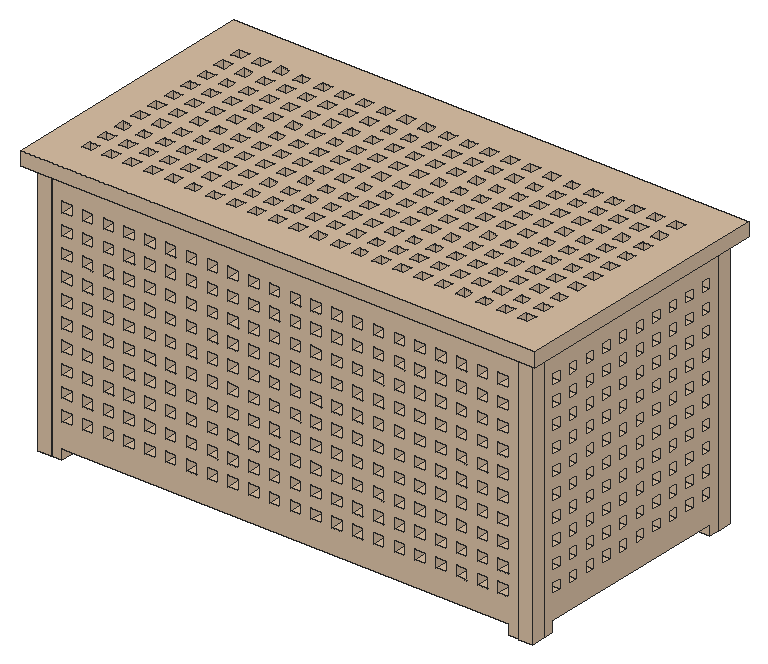
Revit family "071_Ikea_Hol_Storage_box_11242", category Мебель, Revit 2016 (continued)
Forms (in)
  Extrusion 11, void
    sketch origin (51.75, 0, 0) x (1, 0, 0) y (0, 0, 1)
      loop
        line (-66.375, 15.25) -> (-66.375, 14.5) -> (-65.625, 14.5) -> (-65.625, 15.25) -> (-66.375, 15.25)
      loop
        line (-66.375, 13.75) -> (-66.375, 13) -> (-65.625, 13) -> (-65.625, 13.75) -> (-66.375, 13.75)
      loop
        line (-66.375, 12.25) -> (-66.375, 11.5) -> (-65.625, 11.5) -> (-65.625, 12.25) -> (-66.375, 12.25)
      loop
        line (-66.375, 10.75) -> (-66.375, 10) -> (-65.625, 10) -> (-65.625, 10.75) -> (-66.375, 10.75)
      loop
        line (-66.375, 9.25) -> (-66.375, 8.5) -> (-65.625, 8.5) -> (-65.625, 9.25) -> (-66.375, 9.25)
      loop
        line (-66.375, 7.75) -> (-66.375, 7) -> (-65.625, 7) -> (-65.625, 7.75) -> (-66.375, 7.75)
      loop
        line (-66.375, 6.25) -> (-66.375, 5.5) -> (-65.625, 5.5) -> (-65.625, 6.25) -> (-66.375, 6.25)
      loop
        line (-66.375, 4.75) -> (-66.375, 4) -> (-65.625, 4) -> (-65.625, 4.75) -> (-66.375, 4.75)
      loop
        line (-66.375, 3.25) -> (-66.375, 2.5) -> (-65.625, 2.5) -> (-65.625, 3.25) -> (-66.375, 3.25)
      loop
        line (-64.875, 16.75) -> (-64.875, 16) -> (-64.125, 16) -> (-64.125, 16.75) -> (-64.875, 16.75)
      loop
        line (-64.875, 15.25) -> (-64.875, 14.5) -> (-64.125, 14.5) -> (-64.125, 15.25) -> (-64.875, 15.25)
      loop
        line (-64.875, 13.75) -> (-64.875, 13) -> (-64.125, 13) -> (-64.125, 13.75) -> (-64.875, 13.75)
      loop
        line (-64.875, 12.25) -> (-64.875, 11.5) -> (-64.125, 11.5) -> (-64.125, 12.25) -> (-64.875, 12.25)
      loop
        line (-64.875, 10.75) -> (-64.875, 10) -> (-64.125, 10) -> (-64.125, 10.75) -> (-64.875, 10.75)
      loop
        line (-64.875, 9.25) -> (-64.875, 8.5) -> (-64.125, 8.5) -> (-64.125, 9.25) -> (-64.875, 9.25)
      loop
        line (-64.875, 7.75) -> (-64.875, 7) -> (-64.125, 7) -> (-64.125, 7.75) -> (-64.875, 7.75)
      loop
        line (-64.875, 6.25) -> (-64.875, 5.5) -> (-64.125, 5.5) -> (-64.125, 6.25) -> (-64.875, 6.25)
      loop
        line (-64.875, 4.75) -> (-64.875, 4) -> (-64.125, 4) -> (-64.125, 4.75) -> (-64.875, 4.75)
      loop
        line (-64.875, 3.25) -> (-64.875, 2.5) -> (-64.125, 2.5) -> (-64.125, 3.25) -> (-64.875, 3.25)
      loop
        line (-63.375, 16.75) -> (-63.375, 16) -> (-62.625, 16) -> (-62.625, 16.75) -> (-63.375, 16.75)
      loop
        line (-63.375, 15.25) -> (-63.375, 14.5) -> (-62.625, 14.5) -> (-62.625, 15.25) -> (-63.375, 15.25)
      loop
        line (-63.375, 13.75) -> (-63.375, 13) -> (-62.625, 13) -> (-62.625, 13.75) -> (-63.375, 13.75)
      loop
        line (-63.375, 12.25) -> (-63.375, 11.5) -> (-62.625, 11.5) -> (-62.625, 12.25) -> (-63.375, 12.25)
      loop
        line (-63.375, 10.75) -> (-63.375, 10) -> (-62.625, 10) -> (-62.625, 10.75) -> (-63.375, 10.75)
      loop
        line (-63.375, 9.25) -> (-63.375, 8.5) -> (-62.625, 8.5) -> (-62.625, 9.25) -> (-63.375, 9.25)
      loop
        line (-63.375, 7.75) -> (-63.375, 7) -> (-62.625, 7) -> (-62.625, 7.75) -> (-63.375, 7.75)
      loop
        line (-63.375, 6.25) -> (-63.375, 5.5) -> (-62.625, 5.5) -> (-62.625, 6.25) -> (-63.375, 6.25)
      loop
        line (-63.375, 4.75) -> (-63.375, 4) -> (-62.625, 4) -> (-62.625, 4.75) -> (-63.375, 4.75)
      loop
        line (-63.375, 3.25) -> (-63.375, 2.5) -> (-62.625, 2.5) -> (-62.625, 3.25) -> (-63.375, 3.25)
      loop
        line (-61.875, 16.75) -> (-61.875, 16) -> (-61.125, 16) -> (-61.125, 16.75) -> (-61.875, 16.75)
      loop
        line (-61.875, 15.25) -> (-61.875, 14.5) -> (-61.125, 14.5) -> (-61.125, 15.25) -> (-61.875, 15.25)
      loop
        line (-61.875, 13.75) -> (-61.875, 13) -> (-61.125, 13) -> (-61.125, 13.75) -> (-61.875, 13.75)
      loop
        line (-61.875, 12.25) -> (-61.875, 11.5) -> (-61.125, 11.5) -> (-61.125, 12.25) -> (-61.875, 12.25)
      loop
        line (-61.875, 10.75) -> (-61.875, 10) -> (-61.125, 10) -> (-61.125, 10.75) -> (-61.875, 10.75)
      loop
        line (-61.875, 9.25) -> (-61.875, 8.5) -> (-61.125, 8.5) -> (-61.125, 9.25) -> (-61.875, 9.25)
      loop
        line (-61.875, 7.75) -> (-61.875, 7) -> (-61.125, 7) -> (-61.125, 7.75) -> (-61.875, 7.75)
      loop
        line (-61.875, 6.25) -> (-61.875, 5.5) -> (-61.125, 5.5) -> (-61.125, 6.25) -> (-61.875, 6.25)
      loop
        line (-61.875, 4.75) -> (-61.875, 4) -> (-61.125, 4) -> (-61.125, 4.75) -> (-61.875, 4.75)
      loop
        line (-61.875, 3.25) -> (-61.875, 2.5) -> (-61.125, 2.5) -> (-61.125, 3.25) -> (-61.875, 3.25)
      loop
        line (-60.375, 16.75) -> (-60.375, 16) -> (-59.625, 16) -> (-59.625, 16.75) -> (-60.375, 16.75)
      loop
        line (-60.375, 15.25) -> (-60.375, 14.5) -> (-59.625, 14.5) -> (-59.625, 15.25) -> (-60.375, 15.25)
      loop
        line (-60.375, 13.75) -> (-60.375, 13) -> (-59.625, 13) -> (-59.625, 13.75) -> (-60.375, 13.75)
      loop
        line (-60.375, 12.25) -> (-60.375, 11.5) -> (-59.625, 11.5) -> (-59.625, 12.25) -> (-60.375, 12.25)
      loop
        line (-60.375, 10.75) -> (-60.375, 10) -> (-59.625, 10) -> (-59.625, 10.75) -> (-60.375, 10.75)
      loop
        line (-60.375, 9.25) -> (-60.375, 8.5) -> (-59.625, 8.5) -> (-59.625, 9.25) -> (-60.375, 9.25)
      loop
        line (-60.375, 7.75) -> (-60.375, 7) -> (-59.625, 7) -> (-59.625, 7.75) -> (-60.375, 7.75)
      loop
        line (-60.375, 6.25) -> (-60.375, 5.5) -> (-59.625, 5.5) -> (-59.625, 6.25) -> (-60.375, 6.25)
      loop
        line (-60.375, 4.75) -> (-60.375, 4) -> (-59.625, 4) -> (-59.625, 4.75) -> (-60.375, 4.75)
      loop
        line (-60.375, 3.25) -> (-60.375, 2.5) -> (-59.625, 2.5) -> (-59.625, 3.25) -> (-60.375, 3.25)
      loop
        line (-58.875, 16.75) -> (-58.875, 16) -> (-58.125, 16) -> (-58.125, 16.75) -> (-58.875, 16.75)
      loop
        line (-58.875, 15.25) -> (-58.875, 14.5) -> (-58.125, 14.5) -> (-58.125, 15.25) -> (-58.875, 15.25)
      loop
        line (-58.875, 13.75) -> (-58.875, 13) -> (-58.125, 13) -> (-58.125, 13.75) -> (-58.875, 13.75)
      loop
        line (-58.875, 12.25) -> (-58.875, 11.5) -> (-58.125, 11.5) -> (-58.125, 12.25) -> (-58.875, 12.25)
      loop
        line (-58.875, 10.75) -> (-58.875, 10) -> (-58.125, 10) -> (-58.125, 10.75) -> (-58.875, 10.75)
      loop
        line (-58.875, 9.25) -> (-58.875, 8.5) -> (-58.125, 8.5) -> (-58.125, 9.25) -> (-58.875, 9.25)
      loop
        line (-58.875, 7.75) -> (-58.875, 7) -> (-58.125, 7) -> (-58.125, 7.75) -> (-58.875, 7.75)
      loop
        line (-58.875, 6.25) -> (-58.875, 5.5) -> (-58.125, 5.5) -> (-58.125, 6.25) -> (-58.875, 6.25)
      loop
        line (-58.875, 4.75) -> (-58.875, 4) -> (-58.125, 4) -> (-58.125, 4.75) -> (-58.875, 4.75)
      loop
        line (-58.875, 3.25) -> (-58.875, 2.5) -> (-58.125, 2.5) -> (-58.125, 3.25) -> (-58.875, 3.25)
      loop
        line (-57.375, 16.75) -> (-57.375, 16) -> (-56.625, 16) -> (-56.625, 16.75) -> (-57.375, 16.75)
      loop
        line (-57.375, 15.25) -> (-57.375, 14.5) -> (-56.625, 14.5) -> (-56.625, 15.25) -> (-57.375, 15.25)
      loop
        line (-57.375, 13.75) -> (-57.375, 13) -> (-56.625, 13) -> (-56.625, 13.75) -> (-57.375, 13.75)
      loop
        line (-57.375, 12.25) -> (-57.375, 11.5) -> (-56.625, 11.5) -> (-56.625, 12.25) -> (-57.375, 12.25)
      loop
        line (-57.375, 10.75) -> (-57.375, 10) -> (-56.625, 10) -> (-56.625, 10.75) -> (-57.375, 10.75)
      loop
        line (-57.375, 9.25) -> (-57.375, 8.5) -> (-56.625, 8.5) -> (-56.625, 9.25) -> (-57.375, 9.25)
      loop
        line (-57.375, 7.75) -> (-57.375, 7) -> (-56.625, 7) -> (-56.625, 7.75) -> (-57.375, 7.75)
      loop
        line (-57.375, 6.25) -> (-57.375, 5.5) -> (-56.625, 5.5) -> (-56.625, 6.25) -> (-57.375, 6.25)
      loop
        line (-57.375, 4.75) -> (-57.375, 4) -> (-56.625, 4) -> (-56.625, 4.75) -> (-57.375, 4.75)
      loop
        line (-57.375, 3.25) -> (-57.375, 2.5) -> (-56.625, 2.5) -> (-56.625, 3.25) -> (-57.375, 3.25)
      loop
        line (-55.875, 16.75) -> (-55.875, 16) -> (-55.125, 16) -> (-55.125, 16.75) -> (-55.875, 16.75)
      loop
        line (-55.875, 15.25) -> (-55.875, 14.5) -> (-55.125, 14.5) -> (-55.125, 15.25) -> (-55.875, 15.25)
      loop
        line (-55.875, 13.75) -> (-55.875, 13) -> (-55.125, 13) -> (-55.125, 13.75) -> (-55.875, 13.75)
      loop
        line (-55.875, 12.25) -> (-55.875, 11.5) -> (-55.125, 11.5) -> (-55.125, 12.25) -> (-55.875, 12.25)
      loop
        line (-55.875, 10.75) -> (-55.875, 10) -> (-55.125, 10) -> (-55.125, 10.75) -> (-55.875, 10.75)
      loop
        line (-55.875, 9.25) -> (-55.875, 8.5) -> (-55.125, 8.5) -> (-55.125, 9.25) -> (-55.875, 9.25)
      loop
        line (-55.875, 7.75) -> (-55.875, 7) -> (-55.125, 7) -> (-55.125, 7.75) -> (-55.875, 7.75)
      loop
        line (-55.875, 6.25) -> (-55.875, 5.5) -> (-55.125, 5.5) -> (-55.125, 6.25) -> (-55.875, 6.25)
      loop
        line (-55.875, 4.75) -> (-55.875, 4) -> (-55.125, 4) -> (-55.125, 4.75) -> (-55.875, 4.75)
      loop
        line (-55.875, 3.25) -> (-55.875, 2.5) -> (-55.125, 2.5) -> (-55.125, 3.25) -> (-55.875, 3.25)
      loop
        line (-54.375, 16.75) -> (-54.375, 16) -> (-53.625, 16) -> (-53.625, 16.75) -> (-54.375, 16.75)
      loop
        line (-54.375, 15.25) -> (-54.375, 14.5) -> (-53.625, 14.5) -> (-53.625, 15.25) -> (-54.375, 15.25)
      loop
        line (-54.375, 13.75) -> (-54.375, 13) -> (-53.625, 13) -> (-53.625, 13.75) -> (-54.375, 13.75)
      loop
        line (-54.375, 12.25) -> (-54.375, 11.5) -> (-53.625, 11.5) -> (-53.625, 12.25) -> (-54.375, 12.25)
      loop
        line (-54.375, 10.75) -> (-54.375, 10) -> (-53.625, 10) -> (-53.625, 10.75) -> (-54.375, 10.75)
      loop
        line (-54.375, 9.25) -> (-54.375, 8.5) -> (-53.625, 8.5) -> (-53.625, 9.25) -> (-54.375, 9.25)
      loop
        line (-54.375, 7.75) -> (-54.375, 7) -> (-53.625, 7) -> (-53.625, 7.75) -> (-54.375, 7.75)
      loop
        line (-54.375, 6.25) -> (-54.375, 5.5) -> (-53.625, 5.5) -> (-53.625, 6.25) -> (-54.375, 6.25)
      loop
        line (-54.375, 4.75) -> (-54.375, 4) -> (-53.625, 4) -> (-53.625, 4.75) -> (-54.375, 4.75)
      loop
        line (-54.375, 3.25) -> (-54.375, 2.5) -> (-53.625, 2.5) -> (-53.625, 3.25) -> (-54.375, 3.25)
      loop
        line (-52.875, 16.75) -> (-52.875, 16) -> (-52.125, 16) -> (-52.125, 16.75) -> (-52.875, 16.75)
      loop
        line (-52.875, 15.25) -> (-52.875, 14.5) -> (-52.125, 14.5) -> (-52.125, 15.25) -> (-52.875, 15.25)
      loop
        line (-52.875, 13.75) -> (-52.875, 13) -> (-52.125, 13) -> (-52.125, 13.75) -> (-52.875, 13.75)
      loop
        line (-52.875, 12.25) -> (-52.875, 11.5) -> (-52.125, 11.5) -> (-52.125, 12.25) -> (-52.875, 12.25)
      loop
        line (-52.875, 10.75) -> (-52.875, 10) -> (-52.125, 10) -> (-52.125, 10.75) -> (-52.875, 10.75)
      loop
        line (-52.875, 9.25) -> (-52.875, 8.5) -> (-52.125, 8.5) -> (-52.125, 9.25) -> (-52.875, 9.25)
      loop
        line (-52.875, 7.75) -> (-52.875, 7) -> (-52.125, 7) -> (-52.125, 7.75) -> (-52.875, 7.75)
      loop
        line (-52.875, 6.25) -> (-52.875, 5.5) -> (-52.125, 5.5) -> (-52.125, 6.25) -> (-52.875, 6.25)
      loop
        line (-52.875, 4.75) -> (-52.875, 4) -> (-52.125, 4) -> (-52.125, 4.75) -> (-52.875, 4.75)
      loop
        line (-52.875, 3.25) -> (-52.875, 2.5) -> (-52.125, 2.5) -> (-52.125, 3.25) -> (-52.875, 3.25)
      loop
        line (-51.375, 16.75) -> (-51.375, 16) -> (-50.625, 16) -> (-50.625, 16.75) -> (-51.375, 16.75)
      loop
        line (-51.375, 15.25) -> (-51.375, 14.5) -> (-50.625, 14.5) -> (-50.625, 15.25) -> (-51.375, 15.25)
      loop
        line (-51.375, 13.75) -> (-51.375, 13) -> (-50.625, 13) -> (-50.625, 13.75) -> (-51.375, 13.75)
      loop
        line (-51.375, 12.25) -> (-51.375, 11.5) -> (-50.625, 11.5) -> (-50.625, 12.25) -> (-51.375, 12.25)
      loop
        line (-51.375, 10.75) -> (-51.375, 10) -> (-50.625, 10) -> (-50.625, 10.75) -> (-51.375, 10.75)
      loop
        line (-51.375, 9.25) -> (-51.375, 8.5) -> (-50.625, 8.5) -> (-50.625, 9.25) -> (-51.375, 9.25)
      loop
        line (-51.375, 7.75) -> (-51.375, 7) -> (-50.625, 7) -> (-50.625, 7.75) -> (-51.375, 7.75)
      loop
        line (-51.375, 6.25) -> (-51.375, 5.5) -> (-50.625, 5.5) -> (-50.625, 6.25) -> (-51.375, 6.25)
      loop
        line (-51.375, 4.75) -> (-51.375, 4) -> (-50.625, 4) -> (-50.625, 4.75) -> (-51.375, 4.75)
      loop
        line (-51.375, 3.25) -> (-51.375, 2.5) -> (-50.625, 2.5) -> (-50.625, 3.25) -> (-51.375, 3.25)
      loop
        line (-49.875, 16.75) -> (-49.875, 16) -> (-49.125, 16) -> (-49.125, 16.75) -> (-49.875, 16.75)
      loop
        line (-49.875, 15.25) -> (-49.875, 14.5) -> (-49.125, 14.5) -> (-49.125, 15.25) -> (-49.875, 15.25)
      loop
        line (-49.875, 13.75) -> (-49.875, 13) -> (-49.125, 13) -> (-49.125, 13.75) -> (-49.875, 13.75)
      loop
        line (-49.875, 12.25) -> (-49.875, 11.5) -> (-49.125, 11.5) -> (-49.125, 12.25) -> (-49.875, 12.25)
      loop
        line (-49.875, 10.75) -> (-49.875, 10) -> (-49.125, 10) -> (-49.125, 10.75) -> (-49.875, 10.75)
      loop
        line (-49.875, 9.25) -> (-49.875, 8.5) -> (-49.125, 8.5) -> (-49.125, 9.25) -> (-49.875, 9.25)
      loop
        line (-49.875, 7.75) -> (-49.875, 7) -> (-49.125, 7) -> (-49.125, 7.75) -> (-49.875, 7.75)
      loop
        line (-49.875, 6.25) -> (-49.875, 5.5) -> (-49.125, 5.5) -> (-49.125, 6.25) -> (-49.875, 6.25)
      loop
        line (-49.875, 4.75) -> (-49.875, 4) -> (-49.125, 4) -> (-49.125, 4.75) -> (-49.875, 4.75)
      loop
        line (-49.875, 3.25) -> (-49.875, 2.5) -> (-49.125, 2.5) -> (-49.125, 3.25) -> (-49.875, 3.25)
      loop
        line (-48.375, 16.75) -> (-48.375, 16) -> (-47.625, 16) -> (-47.625, 16.75) -> (-48.375, 16.75)
      loop
        line (-48.375, 15.25) -> (-48.375, 14.5) -> (-47.625, 14.5) -> (-47.625, 15.25) -> (-48.375, 15.25)
      loop
        line (-48.375, 13.75) -> (-48.375, 13) -> (-47.625, 13) -> (-47.625, 13.75) -> (-48.375, 13.75)
      loop
        line (-48.375, 12.25) -> (-48.375, 11.5) -> (-47.625, 11.5) -> (-47.625, 12.25) -> (-48.375, 12.25)
      loop
        line (-48.375, 10.75) -> (-48.375, 10) -> (-47.625, 10) -> (-47.625, 10.75) -> (-48.375, 10.75)
      loop
        line (-48.375, 9.25) -> (-48.375, 8.5) -> (-47.625, 8.5) -> (-47.625, 9.25) -> (-48.375, 9.25)
      loop
        line (-48.375, 7.75) -> (-48.375, 7) -> (-47.625, 7) -> (-47.625, 7.75) -> (-48.375, 7.75)
      loop
        line (-48.375, 6.25) -> (-48.375, 5.5) -> (-47.625, 5.5) -> (-47.625, 6.25) -> (-48.375, 6.25)
      loop
        line (-48.375, 4.75) -> (-48.375, 4) -> (-47.625, 4) -> (-47.625, 4.75) -> (-48.375, 4.75)
      loop
        line (-48.375, 3.25) -> (-48.375, 2.5) -> (-47.625, 2.5) -> (-47.625, 3.25) -> (-48.375, 3.25)
      loop
        line (-46.875, 16.75) -> (-46.875, 16) -> (-46.125, 16) -> (-46.125, 16.75) -> (-46.875, 16.75)
      loop
        line (-46.875, 15.25) -> (-46.875, 14.5) -> (-46.125, 14.5) -> (-46.125, 15.25) -> (-46.875, 15.25)
      loop
        line (-46.875, 13.75) -> (-46.875, 13) -> (-46.125, 13) -> (-46.125, 13.75) -> (-46.875, 13.75)
      loop
        line (-46.875, 12.25) -> (-46.875, 11.5) -> (-46.125, 11.5) -> (-46.125, 12.25) -> (-46.875, 12.25)
      loop
        line (-46.875, 10.75) -> (-46.875, 10) -> (-46.125, 10) -> (-46.125, 10.75) -> (-46.875, 10.75)
      loop
        line (-46.875, 9.25) -> (-46.875, 8.5) -> (-46.125, 8.5) -> (-46.125, 9.25) -> (-46.875, 9.25)
      loop
        line (-46.875, 7.75) -> (-46.875, 7) -> (-46.125, 7) -> (-46.125, 7.75) -> (-46.875, 7.75)
      loop
        line (-46.875, 6.25) -> (-46.875, 5.5) -> (-46.125, 5.5) -> (-46.125, 6.25) -> (-46.875, 6.25)
      loop
        line (-46.875, 4.75) -> (-46.875, 4) -> (-46.125, 4) -> (-46.125, 4.75) -> (-46.875, 4.75)
      loop
        line (-46.875, 3.25) -> (-46.875, 2.5) -> (-46.125, 2.5) -> (-46.125, 3.25) -> (-46.875, 3.25)
      loop
        line (-45.375, 16.75) -> (-45.375, 16) -> (-44.625, 16) -> (-44.625, 16.75) -> (-45.375, 16.75)
      loop
        line (-45.375, 15.25) -> (-45.375, 14.5) -> (-44.625, 14.5) -> (-44.625, 15.25) -> (-45.375, 15.25)
      loop
        line (-45.375, 13.75) -> (-45.375, 13) -> (-44.625, 13) -> (-44.625, 13.75) -> (-45.375, 13.75)
      loop
        line (-45.375, 12.25) -> (-45.375, 11.5) -> (-44.625, 11.5) -> (-44.625, 12.25) -> (-45.375, 12.25)
      loop
        line (-45.375, 10.75) -> (-45.375, 10) -> (-44.625, 10) -> (-44.625, 10.75) -> (-45.375, 10.75)
      loop
        line (-45.375, 9.25) -> (-45.375, 8.5) -> (-44.625, 8.5) -> (-44.625, 9.25) -> (-45.375, 9.25)
      loop
        line (-45.375, 7.75) -> (-45.375, 7) -> (-44.625, 7) -> (-44.625, 7.75) -> (-45.375, 7.75)
      loop
        line (-45.375, 6.25) -> (-45.375, 5.5) -> (-44.625, 5.5) -> (-44.625, 6.25) -> (-45.375, 6.25)
      loop
        line (-45.375, 4.75) -> (-45.375, 4) -> (-44.625, 4) -> (-44.625, 4.75) -> (-45.375, 4.75)
      loop
        line (-45.375, 3.25) -> (-45.375, 2.5) -> (-44.625, 2.5) -> (-44.625, 3.25) -> (-45.375, 3.25)
      loop
        line (-43.875, 16.75) -> (-43.875, 16) -> (-43.125, 16) -> (-43.125, 16.75) -> (-43.875, 16.75)
      loop
        line (-43.875, 15.25) -> (-43.875, 14.5) -> (-43.125, 14.5) -> (-43.125, 15.25) -> (-43.875, 15.25)
      loop
        line (-43.875, 13.75) -> (-43.875, 13) -> (-43.125, 13) -> (-43.125, 13.75) -> (-43.875, 13.75)
      loop
        line (-43.875, 12.25) -> (-43.875, 11.5) -> (-43.125, 11.5) -> (-43.125, 12.25) -> (-43.875, 12.25)
      loop
        line (-43.875, 10.75) -> (-43.875, 10) -> (-43.125, 10) -> (-43.125, 10.75) -> (-43.875, 10.75)
      loop
        line (-43.875, 9.25) -> (-43.875, 8.5) -> (-43.125, 8.5) -> (-43.125, 9.25) -> (-43.875, 9.25)
      loop
        line (-43.875, 7.75) -> (-43.875, 7) -> (-43.125, 7) -> (-43.125, 7.75) -> (-43.875, 7.75)
      loop
        line (-43.875, 6.25) -> (-43.875, 5.5) -> (-43.125, 5.5) -> (-43.125, 6.25) -> (-43.875, 6.25)
      loop
        line (-43.875, 4.75) -> (-43.875, 4) -> (-43.125, 4) -> (-43.125, 4.75) -> (-43.875, 4.75)
      loop
        line (-43.875, 3.25) -> (-43.875, 2.5) -> (-43.125, 2.5) -> (-43.125, 3.25) -> (-43.875, 3.25)
      loop
        line (-42.375, 16.75) -> (-42.375, 16) -> (-41.625, 16) -> (-41.625, 16.75) -> (-42.375, 16.75)
      loop
        line (-42.375, 15.25) -> (-42.375, 14.5) -> (-41.625, 14.5) -> (-41.625, 15.25) -> (-42.375, 15.25)
      loop
        line (-42.375, 13.75) -> (-42.375, 13) -> (-41.625, 13) -> (-41.625, 13.75) -> (-42.375, 13.75)
      loop
        line (-42.375, 12.25) -> (-42.375, 11.5) -> (-41.625, 11.5) -> (-41.625, 12.25) -> (-42.375, 12.25)
      loop
        line (-42.375, 10.75) -> (-42.375, 10) -> (-41.625, 10) -> (-41.625, 10.75) -> (-42.375, 10.75)
      loop
        line (-42.375, 9.25) -> (-42.375, 8.5) -> (-41.625, 8.5) -> (-41.625, 9.25) -> (-42.375, 9.25)
      loop
        line (-42.375, 7.75) -> (-42.375, 7) -> (-41.625, 7) -> (-41.625, 7.75) -> (-42.375, 7.75)
      loop
        line (-42.375, 6.25) -> (-42.375, 5.5) -> (-41.625, 5.5) -> (-41.625, 6.25) -> (-42.375, 6.25)
      loop
        line (-42.375, 4.75) -> (-42.375, 4) -> (-41.625, 4) -> (-41.625, 4.75) -> (-42.375, 4.75)
      loop
        line (-42.375, 3.25) -> (-42.375, 2.5) -> (-41.625, 2.5) -> (-41.625, 3.25) -> (-42.375, 3.25)
      loop
        line (-40.875, 16.75) -> (-40.875, 16) -> (-40.125, 16) -> (-40.125, 16.75) -> (-40.875, 16.75)
      loop
        line (-40.875, 15.25) -> (-40.875, 14.5) -> (-40.125, 14.5) -> (-40.125, 15.25) -> (-40.875, 15.25)
      loop
        line (-40.875, 13.75) -> (-40.875, 13) -> (-40.125, 13) -> (-40.125, 13.75) -> (-40.875, 13.75)
      loop
        line (-40.875, 12.25) -> (-40.875, 11.5) -> (-40.125, 11.5) -> (-40.125, 12.25) -> (-40.875, 12.25)
      loop
        line (-40.875, 10.75) -> (-40.875, 10) -> (-40.125, 10) -> (-40.125, 10.75) -> (-40.875, 10.75)
      loop
        line (-40.875, 9.25) -> (-40.875, 8.5) -> (-40.125, 8.5) -> (-40.125, 9.25) -> (-40.875, 9.25)
      loop
        line (-40.875, 7.75) -> (-40.875, 7) -> (-40.125, 7) -> (-40.125, 7.75) -> (-40.875, 7.75)
      loop
        line (-40.875, 6.25) -> (-40.875, 5.5) -> (-40.125, 5.5) -> (-40.125, 6.25) -> (-40.875, 6.25)
      loop
        line (-40.875, 4.75) -> (-40.875, 4) -> (-40.125, 4) -> (-40.125, 4.75) -> (-40.875, 4.75)
      loop
        line (-40.875, 3.25) -> (-40.875, 2.5) -> (-40.125, 2.5) -> (-40.125, 3.25) -> (-40.875, 3.25)
      loop
        line (-39.375, 16.75) -> (-39.375, 16) -> (-38.625, 16) -> (-38.625, 16.75) -> (-39.375, 16.75)
      loop
        line (-39.375, 15.25) -> (-39.375, 14.5) -> (-38.625, 14.5) -> (-38.625, 15.25) -> (-39.375, 15.25)
      loop
        line (-39.375, 13.75) -> (-39.375, 13) -> (-38.625, 13) -> (-38.625, 13.75) -> (-39.375, 13.75)
      loop
        line (-39.375, 12.25) -> (-39.375, 11.5) -> (-38.625, 11.5) -> (-38.625, 12.25) -> (-39.375, 12.25)
      loop
        line (-39.375, 10.75) -> (-39.375, 10) -> (-38.625, 10) -> (-38.625, 10.75) -> (-39.375, 10.75)
      loop
        line (-39.375, 9.25) -> (-39.375, 8.5) -> (-38.625, 8.5) -> (-38.625, 9.25) -> (-39.375, 9.25)
      loop
        line (-39.375, 7.75) -> (-39.375, 7) -> (-38.625, 7) -> (-38.625, 7.75) -> (-39.375, 7.75)
      loop
        line (-39.375, 6.25) -> (-39.375, 5.5) -> (-38.625, 5.5) -> (-38.625, 6.25) -> (-39.375, 6.25)
      loop
        line (-39.375, 4.75) -> (-39.375, 4) -> (-38.625, 4) -> (-38.625, 4.75) -> (-39.375, 4.75)
      loop
        line (-39.375, 3.25) -> (-39.375, 2.5) -> (-38.625, 2.5) -> (-38.625, 3.25) -> (-39.375, 3.25)
      loop
        line (-37.875, 16.75) -> (-37.875, 16) -> (-37.125, 16) -> (-37.125, 16.75) -> (-37.875, 16.75)
      loop
        line (-37.875, 15.25) -> (-37.875, 14.5) -> (-37.125, 14.5) -> (-37.125, 15.25) -> (-37.875, 15.25)
      loop
        line (-37.875, 13.75) -> (-37.875, 13) -> (-37.125, 13) -> (-37.125, 13.75) -> (-37.875, 13.75)
      loop
        line (-37.875, 12.25) -> (-37.875, 11.5) -> (-37.125, 11.5) -> (-37.125, 12.25) -> (-37.875, 12.25)
      loop
        line (-37.875, 10.75) -> (-37.875, 10) -> (-37.125, 10) -> (-37.125, 10.75) -> (-37.875, 10.75)
      loop
        line (-37.875, 9.25) -> (-37.875, 8.5) -> (-37.125, 8.5) -> (-37.125, 9.25) -> (-37.875, 9.25)
      loop
        line (-37.875, 7.75) -> (-37.875, 7) -> (-37.125, 7) -> (-37.125, 7.75) -> (-37.875, 7.75)
      loop
        line (-37.875, 6.25) -> (-37.875, 5.5) -> (-37.125, 5.5) -> (-37.125, 6.25) -> (-37.875, 6.25)
      loop
        line (-37.875, 4.75) -> (-37.875, 4) -> (-37.125, 4) -> (-37.125, 4.75) -> (-37.875, 4.75)
      loop
        line (-37.875, 3.25) -> (-37.875, 2.5) -> (-37.125, 2.5) -> (-37.125, 3.25) -> (-37.875, 3.25)
      loop
        line (-36.375, 16.75) -> (-36.375, 16) -> (-35.625, 16) -> (-35.625, 16.75) -> (-36.375, 16.75)
      loop
        line (-36.375, 15.25) -> (-36.375, 14.5) -> (-35.625, 14.5) -> (-35.625, 15.25) -> (-36.375, 15.25)
      loop
        line (-36.375, 13.75) -> (-36.375, 13) -> (-35.625, 13) -> (-35.625, 13.75) -> (-36.375, 13.75)
      loop
        line (-36.375, 12.25) -> (-36.375, 11.5) -> (-35.625, 11.5) -> (-35.625, 12.25) -> (-36.375, 12.25)
      loop
        line (-36.375, 10.75) -> (-36.375, 10) -> (-35.625, 10) -> (-35.625, 10.75) -> (-36.375, 10.75)
      loop
        line (-36.375, 9.25) -> (-36.375, 8.5) -> (-35.625, 8.5) -> (-35.625, 9.25) -> (-36.375, 9.25)
      loop
        line (-36.375, 7.75) -> (-36.375, 7) -> (-35.625, 7) -> (-35.625, 7.75) -> (-36.375, 7.75)
      loop
        line (-36.375, 6.25) -> (-36.375, 5.5) -> (-35.625, 5.5) -> (-35.625, 6.25) -> (-36.375, 6.25)
      loop
        line (-36.375, 4.75) -> (-36.375, 4) -> (-35.625, 4) -> (-35.625, 4.75) -> (-36.375, 4.75)
      loop
        line (-36.375, 3.25) -> (-36.375, 2.5) -> (-35.625, 2.5) -> (-35.625, 3.25) -> (-36.375, 3.25)
    from 7.875 to 8.875
  Extrusion 12, void
    sketch origin (51.75, 0, 0) x (1, 0, 0) y (0, 0, 1)
      loop
        line (-67.875, 0.75) -> (-67.875, 0) -> (-35.625, 0) -> (-35.625, 0.75) -> (-67.875, 0.75)
    from 7.875 to 8.875
  Extrusion 13, solid, material "Wood - Iho Storage Birch"
    sketch origin (52.75, 0, 0) x (1, 0, 0) y (0, 0, 1)
      loop
        line (-34.875, 0) -> (-34.875, 18.5) -> (-70.625, 18.5) -> (-70.625, 0) -> (-34.875, 0)
    from -7.875 to -8.875
  Extrusion 14, void
    sketch origin (52.75, 0, 0) x (1, 0, 0) y (0, 0, 1)
      loop
        line (-68.875, 16.75) -> (-68.875, 16) -> (-68.125, 16) -> (-68.125, 16.75) -> (-68.875, 16.75)
      loop
        line (-68.875, 15.25) -> (-68.875, 14.5) -> (-68.125, 14.5) -> (-68.125, 15.25) -> (-68.875, 15.25)
      loop
        line (-68.875, 13.75) -> (-68.875, 13) -> (-68.125, 13) -> (-68.125, 13.75) -> (-68.875, 13.75)
      loop
        line (-68.875, 12.25) -> (-68.875, 11.5) -> (-68.125, 11.5) -> (-68.125, 12.25) -> (-68.875, 12.25)
      loop
        line (-68.875, 10.75) -> (-68.875, 10) -> (-68.125, 10) -> (-68.125, 10.75) -> (-68.875, 10.75)
      loop
        line (-68.875, 9.25) -> (-68.875, 8.5) -> (-68.125, 8.5) -> (-68.125, 9.25) -> (-68.875, 9.25)
      loop
        line (-68.875, 7.75) -> (-68.875, 7) -> (-68.125, 7) -> (-68.125, 7.75) -> (-68.875, 7.75)
      loop
        line (-68.875, 6.25) -> (-68.875, 5.5) -> (-68.125, 5.5) -> (-68.125, 6.25) -> (-68.875, 6.25)
      loop
        line (-68.875, 4.75) -> (-68.875, 4) -> (-68.125, 4) -> (-68.125, 4.75) -> (-68.875, 4.75)
      loop
        line (-68.875, 3.25) -> (-68.875, 2.5) -> (-68.125, 2.5) -> (-68.125, 3.25) -> (-68.875, 3.25)
      loop
        line (-67.375, 16.75) -> (-67.375, 16) -> (-66.625, 16) -> (-66.625, 16.75) -> (-67.375, 16.75)
      loop
        line (-67.375, 15.25) -> (-67.375, 14.5) -> (-66.625, 14.5) -> (-66.625, 15.25) -> (-67.375, 15.25)
      loop
        line (-67.375, 13.75) -> (-67.375, 13) -> (-66.625, 13) -> (-66.625, 13.75) -> (-67.375, 13.75)
      loop
        line (-67.375, 12.25) -> (-67.375, 11.5) -> (-66.625, 11.5) -> (-66.625, 12.25) -> (-67.375, 12.25)
      loop
        line (-67.375, 10.75) -> (-67.375, 10) -> (-66.625, 10) -> (-66.625, 10.75) -> (-67.375, 10.75)
      loop
        line (-67.375, 9.25) -> (-67.375, 8.5) -> (-66.625, 8.5) -> (-66.625, 9.25) -> (-67.375, 9.25)
      loop
        line (-67.375, 7.75) -> (-67.375, 7) -> (-66.625, 7) -> (-66.625, 7.75) -> (-67.375, 7.75)
      loop
        line (-67.375, 6.25) -> (-67.375, 5.5) -> (-66.625, 5.5) -> (-66.625, 6.25) -> (-67.375, 6.25)
      loop
        line (-67.375, 4.75) -> (-67.375, 4) -> (-66.625, 4) -> (-66.625, 4.75) -> (-67.375, 4.75)
      loop
        line (-67.375, 3.25) -> (-67.375, 2.5) -> (-66.625, 2.5) -> (-66.625, 3.25) -> (-67.375, 3.25)
      loop
        line (-65.875, 16.75) -> (-65.875, 16) -> (-65.125, 16) -> (-65.125, 16.75) -> (-65.875, 16.75)
      loop
        line (-65.875, 15.25) -> (-65.875, 14.5) -> (-65.125, 14.5) -> (-65.125, 15.25) -> (-65.875, 15.25)
      loop
        line (-65.875, 13.75) -> (-65.875, 13) -> (-65.125, 13) -> (-65.125, 13.75) -> (-65.875, 13.75)
      loop
        line (-65.875, 12.25) -> (-65.875, 11.5) -> (-65.125, 11.5) -> (-65.125, 12.25) -> (-65.875, 12.25)
      loop
        line (-65.875, 10.75) -> (-65.875, 10) -> (-65.125, 10) -> (-65.125, 10.75) -> (-65.875, 10.75)
      loop
        line (-65.875, 9.25) -> (-65.875, 8.5) -> (-65.125, 8.5) -> (-65.125, 9.25) -> (-65.875, 9.25)
      loop
        line (-65.875, 7.75) -> (-65.875, 7) -> (-65.125, 7) -> (-65.125, 7.75) -> (-65.875, 7.75)
      loop
        line (-65.875, 6.25) -> (-65.875, 5.5) -> (-65.125, 5.5) -> (-65.125, 6.25) -> (-65.875, 6.25)
      loop
        line (-65.875, 4.75) -> (-65.875, 4) -> (-65.125, 4) -> (-65.125, 4.75) -> (-65.875, 4.75)
      loop
        line (-65.875, 3.25) -> (-65.875, 2.5) -> (-65.125, 2.5) -> (-65.125, 3.25) -> (-65.875, 3.25)
      loop
        line (-64.375, 16.75) -> (-64.375, 16) -> (-63.625, 16) -> (-63.625, 16.75) -> (-64.375, 16.75)
      loop
        line (-64.375, 15.25) -> (-64.375, 14.5) -> (-63.625, 14.5) -> (-63.625, 15.25) -> (-64.375, 15.25)
      loop
        line (-64.375, 13.75) -> (-64.375, 13) -> (-63.625, 13) -> (-63.625, 13.75) -> (-64.375, 13.75)
      loop
        line (-64.375, 12.25) -> (-64.375, 11.5) -> (-63.625, 11.5) -> (-63.625, 12.25) -> (-64.375, 12.25)
      loop
        line (-64.375, 10.75) -> (-64.375, 10) -> (-63.625, 10) -> (-63.625, 10.75) -> (-64.375, 10.75)
      loop
        line (-64.375, 9.25) -> (-64.375, 8.5) -> (-63.625, 8.5) -> (-63.625, 9.25) -> (-64.375, 9.25)
      loop
        line (-64.375, 7.75) -> (-64.375, 7) -> (-63.625, 7) -> (-63.625, 7.75) -> (-64.375, 7.75)
      loop
        line (-64.375, 6.25) -> (-64.375, 5.5) -> (-63.625, 5.5) -> (-63.625, 6.25) -> (-64.375, 6.25)
      loop
        line (-64.375, 4.75) -> (-64.375, 4) -> (-63.625, 4) -> (-63.625, 4.75) -> (-64.375, 4.75)
      loop
        line (-64.375, 3.25) -> (-64.375, 2.5) -> (-63.625, 2.5) -> (-63.625, 3.25) -> (-64.375, 3.25)
      loop
        line (-62.875, 16.75) -> (-62.875, 16) -> (-62.125, 16) -> (-62.125, 16.75) -> (-62.875, 16.75)
      loop
        line (-62.875, 15.25) -> (-62.875, 14.5) -> (-62.125, 14.5) -> (-62.125, 15.25) -> (-62.875, 15.25)
      loop
        line (-62.875, 13.75) -> (-62.875, 13) -> (-62.125, 13) -> (-62.125, 13.75) -> (-62.875, 13.75)
      loop
        line (-62.875, 12.25) -> (-62.875, 11.5) -> (-62.125, 11.5) -> (-62.125, 12.25) -> (-62.875, 12.25)
      loop
        line (-62.875, 10.75) -> (-62.875, 10) -> (-62.125, 10) -> (-62.125, 10.75) -> (-62.875, 10.75)
      loop
        line (-62.875, 9.25) -> (-62.875, 8.5) -> (-62.125, 8.5) -> (-62.125, 9.25) -> (-62.875, 9.25)
      loop
        line (-62.875, 7.75) -> (-62.875, 7) -> (-62.125, 7) -> (-62.125, 7.75) -> (-62.875, 7.75)
      loop
        line (-62.875, 6.25) -> (-62.875, 5.5) -> (-62.125, 5.5) -> (-62.125, 6.25) -> (-62.875, 6.25)
      loop
        line (-62.875, 4.75) -> (-62.875, 4) -> (-62.125, 4) -> (-62.125, 4.75) -> (-62.875, 4.75)
      loop
        line (-62.875, 3.25) -> (-62.875, 2.5) -> (-62.125, 2.5) -> (-62.125, 3.25) -> (-62.875, 3.25)
      loop
        line (-61.375, 16.75) -> (-61.375, 16) -> (-60.625, 16) -> (-60.625, 16.75) -> (-61.375, 16.75)
      loop
        line (-61.375, 15.25) -> (-61.375, 14.5) -> (-60.625, 14.5) -> (-60.625, 15.25) -> (-61.375, 15.25)
      loop
        line (-61.375, 13.75) -> (-61.375, 13) -> (-60.625, 13) -> (-60.625, 13.75) -> (-61.375, 13.75)
      loop
        line (-61.375, 12.25) -> (-61.375, 11.5) -> (-60.625, 11.5) -> (-60.625, 12.25) -> (-61.375, 12.25)
      loop
        line (-61.375, 10.75) -> (-61.375, 10) -> (-60.625, 10) -> (-60.625, 10.75) -> (-61.375, 10.75)
      loop
        line (-61.375, 9.25) -> (-61.375, 8.5) -> (-60.625, 8.5) -> (-60.625, 9.25) -> (-61.375, 9.25)
      loop
        line (-61.375, 7.75) -> (-61.375, 7) -> (-60.625, 7) -> (-60.625, 7.75) -> (-61.375, 7.75)
      loop
        line (-61.375, 6.25) -> (-61.375, 5.5) -> (-60.625, 5.5) -> (-60.625, 6.25) -> (-61.375, 6.25)
      loop
        line (-61.375, 4.75) -> (-61.375, 4) -> (-60.625, 4) -> (-60.625, 4.75) -> (-61.375, 4.75)
      loop
        line (-61.375, 3.25) -> (-61.375, 2.5) -> (-60.625, 2.5) -> (-60.625, 3.25) -> (-61.375, 3.25)
      loop
        line (-59.875, 16.75) -> (-59.875, 16) -> (-59.125, 16) -> (-59.125, 16.75) -> (-59.875, 16.75)
      loop
        line (-59.875, 15.25) -> (-59.875, 14.5) -> (-59.125, 14.5) -> (-59.125, 15.25) -> (-59.875, 15.25)
      loop
        line (-59.875, 13.75) -> (-59.875, 13) -> (-59.125, 13) -> (-59.125, 13.75) -> (-59.875, 13.75)
      loop
        line (-59.875, 12.25) -> (-59.875, 11.5) -> (-59.125, 11.5) -> (-59.125, 12.25) -> (-59.875, 12.25)
      loop
        line (-59.875, 10.75) -> (-59.875, 10) -> (-59.125, 10) -> (-59.125, 10.75) -> (-59.875, 10.75)
      loop
        line (-59.875, 9.25) -> (-59.875, 8.5) -> (-59.125, 8.5) -> (-59.125, 9.25) -> (-59.875, 9.25)
      loop
        line (-59.875, 7.75) -> (-59.875, 7) -> (-59.125, 7) -> (-59.125, 7.75) -> (-59.875, 7.75)
      loop
        line (-59.875, 6.25) -> (-59.875, 5.5) -> (-59.125, 5.5) -> (-59.125, 6.25) -> (-59.875, 6.25)
      loop
        line (-59.875, 4.75) -> (-59.875, 4) -> (-59.125, 4) -> (-59.125, 4.75) -> (-59.875, 4.75)
      loop
        line (-59.875, 3.25) -> (-59.875, 2.5) -> (-59.125, 2.5) -> (-59.125, 3.25) -> (-59.875, 3.25)
      loop
        line (-58.375, 16.75) -> (-58.375, 16) -> (-57.625, 16) -> (-57.625, 16.75) -> (-58.375, 16.75)
      loop
        line (-58.375, 15.25) -> (-58.375, 14.5) -> (-57.625, 14.5) -> (-57.625, 15.25) -> (-58.375, 15.25)
      loop
        line (-58.375, 13.75) -> (-58.375, 13) -> (-57.625, 13) -> (-57.625, 13.75) -> (-58.375, 13.75)
      loop
        line (-58.375, 12.25) -> (-58.375, 11.5) -> (-57.625, 11.5) -> (-57.625, 12.25) -> (-58.375, 12.25)
      loop
        line (-58.375, 10.75) -> (-58.375, 10) -> (-57.625, 10) -> (-57.625, 10.75) -> (-58.375, 10.75)
      loop
        line (-58.375, 9.25) -> (-58.375, 8.5) -> (-57.625, 8.5) -> (-57.625, 9.25) -> (-58.375, 9.25)
      loop
        line (-58.375, 7.75) -> (-58.375, 7) -> (-57.625, 7) -> (-57.625, 7.75) -> (-58.375, 7.75)
      loop
        line (-58.375, 6.25) -> (-58.375, 5.5) -> (-57.625, 5.5) -> (-57.625, 6.25) -> (-58.375, 6.25)
      loop
        line (-58.375, 4.75) -> (-58.375, 4) -> (-57.625, 4) -> (-57.625, 4.75) -> (-58.375, 4.75)
      loop
        line (-58.375, 3.25) -> (-58.375, 2.5) -> (-57.625, 2.5) -> (-57.625, 3.25) -> (-58.375, 3.25)
      loop
        line (-56.875, 16.75) -> (-56.875, 16) -> (-56.125, 16) -> (-56.125, 16.75) -> (-56.875, 16.75)
      loop
        line (-56.875, 15.25) -> (-56.875, 14.5) -> (-56.125, 14.5) -> (-56.125, 15.25) -> (-56.875, 15.25)
      loop
        line (-56.875, 13.75) -> (-56.875, 13) -> (-56.125, 13) -> (-56.125, 13.75) -> (-56.875, 13.75)
      loop
        line (-56.875, 12.25) -> (-56.875, 11.5) -> (-56.125, 11.5) -> (-56.125, 12.25) -> (-56.875, 12.25)
      loop
        line (-56.875, 10.75) -> (-56.875, 10) -> (-56.125, 10) -> (-56.125, 10.75) -> (-56.875, 10.75)
      loop
        line (-56.875, 9.25) -> (-56.875, 8.5) -> (-56.125, 8.5) -> (-56.125, 9.25) -> (-56.875, 9.25)
      loop
        line (-56.875, 7.75) -> (-56.875, 7) -> (-56.125, 7) -> (-56.125, 7.75) -> (-56.875, 7.75)
      loop
        line (-56.875, 6.25) -> (-56.875, 5.5) -> (-56.125, 5.5) -> (-56.125, 6.25) -> (-56.875, 6.25)
      loop
        line (-56.875, 4.75) -> (-56.875, 4) -> (-56.125, 4) -> (-56.125, 4.75) -> (-56.875, 4.75)
      loop
        line (-56.875, 3.25) -> (-56.875, 2.5) -> (-56.125, 2.5) -> (-56.125, 3.25) -> (-56.875, 3.25)
      loop
        line (-55.375, 16.75) -> (-55.375, 16) -> (-54.625, 16) -> (-54.625, 16.75) -> (-55.375, 16.75)
      loop
        line (-55.375, 15.25) -> (-55.375, 14.5) -> (-54.625, 14.5) -> (-54.625, 15.25) -> (-55.375, 15.25)
      loop
        line (-55.375, 13.75) -> (-55.375, 13) -> (-54.625, 13) -> (-54.625, 13.75) -> (-55.375, 13.75)
      loop
        line (-55.375, 12.25) -> (-55.375, 11.5) -> (-54.625, 11.5) -> (-54.625, 12.25) -> (-55.375, 12.25)
      loop
        line (-55.375, 10.75) -> (-55.375, 10) -> (-54.625, 10) -> (-54.625, 10.75) -> (-55.375, 10.75)
      loop
        line (-55.375, 9.25) -> (-55.375, 8.5) -> (-54.625, 8.5) -> (-54.625, 9.25) -> (-55.375, 9.25)
      loop
        line (-55.375, 7.75) -> (-55.375, 7) -> (-54.625, 7) -> (-54.625, 7.75) -> (-55.375, 7.75)
      loop
        line (-55.375, 6.25) -> (-55.375, 5.5) -> (-54.625, 5.5) -> (-54.625, 6.25) -> (-55.375, 6.25)
      loop
        line (-55.375, 4.75) -> (-55.375, 4) -> (-54.625, 4) -> (-54.625, 4.75) -> (-55.375, 4.75)
      loop
        line (-55.375, 3.25) -> (-55.375, 2.5) -> (-54.625, 2.5) -> (-54.625, 3.25) -> (-55.375, 3.25)
      loop
        line (-53.875, 16.75) -> (-53.875, 16) -> (-53.125, 16) -> (-53.125, 16.75) -> (-53.875, 16.75)
      loop
        line (-53.875, 15.25) -> (-53.875, 14.5) -> (-53.125, 14.5) -> (-53.125, 15.25) -> (-53.875, 15.25)
      loop
        line (-53.875, 13.75) -> (-53.875, 13) -> (-53.125, 13) -> (-53.125, 13.75) -> (-53.875, 13.75)
      loop
        line (-53.875, 12.25) -> (-53.875, 11.5) -> (-53.125, 11.5) -> (-53.125, 12.25) -> (-53.875, 12.25)
      loop
        line (-53.875, 10.75) -> (-53.875, 10) -> (-53.125, 10) -> (-53.125, 10.75) -> (-53.875, 10.75)
      loop
        line (-53.875, 9.25) -> (-53.875, 8.5) -> (-53.125, 8.5) -> (-53.125, 9.25) -> (-53.875, 9.25)
      loop
        line (-53.875, 7.75) -> (-53.875, 7) -> (-53.125, 7) -> (-53.125, 7.75) -> (-53.875, 7.75)
      loop
        line (-53.875, 6.25) -> (-53.875, 5.5) -> (-53.125, 5.5) -> (-53.125, 6.25) -> (-53.875, 6.25)
      loop
        line (-53.875, 4.75) -> (-53.875, 4) -> (-53.125, 4) -> (-53.125, 4.75) -> (-53.875, 4.75)
      loop
        line (-53.875, 3.25) -> (-53.875, 2.5) -> (-53.125, 2.5) -> (-53.125, 3.25) -> (-53.875, 3.25)
      loop
        line (-52.375, 16.75) -> (-52.375, 16) -> (-51.625, 16) -> (-51.625, 16.75) -> (-52.375, 16.75)
      loop
        line (-52.375, 15.25) -> (-52.375, 14.5) -> (-51.625, 14.5) -> (-51.625, 15.25) -> (-52.375, 15.25)
      loop
        line (-52.375, 13.75) -> (-52.375, 13) -> (-51.625, 13) -> (-51.625, 13.75) -> (-52.375, 13.75)
      loop
        line (-52.375, 12.25) -> (-52.375, 11.5) -> (-51.625, 11.5) -> (-51.625, 12.25) -> (-52.375, 12.25)
      loop
        line (-52.375, 10.75) -> (-52.375, 10) -> (-51.625, 10) -> (-51.625, 10.75) -> (-52.375, 10.75)
      loop
        line (-52.375, 9.25) -> (-52.375, 8.5) -> (-51.625, 8.5) -> (-51.625, 9.25) -> (-52.375, 9.25)
      loop
        line (-52.375, 7.75) -> (-52.375, 7) -> (-51.625, 7) -> (-51.625, 7.75) -> (-52.375, 7.75)
      loop
        line (-52.375, 6.25) -> (-52.375, 5.5) -> (-51.625, 5.5) -> (-51.625, 6.25) -> (-52.375, 6.25)
      loop
        line (-52.375, 4.75) -> (-52.375, 4) -> (-51.625, 4) -> (-51.625, 4.75) -> (-52.375, 4.75)
      loop
        line (-52.375, 3.25) -> (-52.375, 2.5) -> (-51.625, 2.5) -> (-51.625, 3.25) -> (-52.375, 3.25)
      loop
        line (-50.875, 16.75) -> (-50.875, 16) -> (-50.125, 16) -> (-50.125, 16.75) -> (-50.875, 16.75)
      loop
        line (-50.875, 15.25) -> (-50.875, 14.5) -> (-50.125, 14.5) -> (-50.125, 15.25) -> (-50.875, 15.25)
      loop
        line (-50.875, 13.75) -> (-50.875, 13) -> (-50.125, 13) -> (-50.125, 13.75) -> (-50.875, 13.75)
      loop
        line (-50.875, 12.25) -> (-50.875, 11.5) -> (-50.125, 11.5) -> (-50.125, 12.25) -> (-50.875, 12.25)
      loop
        line (-50.875, 10.75) -> (-50.875, 10) -> (-50.125, 10) -> (-50.125, 10.75) -> (-50.875, 10.75)
      loop
        line (-50.875, 9.25) -> (-50.875, 8.5) -> (-50.125, 8.5) -> (-50.125, 9.25) -> (-50.875, 9.25)
      loop
        line (-50.875, 7.75) -> (-50.875, 7) -> (-50.125, 7) -> (-50.125, 7.75) -> (-50.875, 7.75)
      loop
        line (-50.875, 6.25) -> (-50.875, 5.5) -> (-50.125, 5.5) -> (-50.125, 6.25) -> (-50.875, 6.25)
      loop
        line (-50.875, 4.75) -> (-50.875, 4) -> (-50.125, 4) -> (-50.125, 4.75) -> (-50.875, 4.75)
      loop
        line (-50.875, 3.25) -> (-50.875, 2.5) -> (-50.125, 2.5) -> (-50.125, 3.25) -> (-50.875, 3.25)
      loop
        line (-49.375, 16.75) -> (-49.375, 16) -> (-48.625, 16) -> (-48.625, 16.75) -> (-49.375, 16.75)
      loop
        line (-49.375, 15.25) -> (-49.375, 14.5) -> (-48.625, 14.5) -> (-48.625, 15.25) -> (-49.375, 15.25)
      loop
        line (-49.375, 13.75) -> (-49.375, 13) -> (-48.625, 13) -> (-48.625, 13.75) -> (-49.375, 13.75)
      loop
        line (-49.375, 12.25) -> (-49.375, 11.5) -> (-48.625, 11.5) -> (-48.625, 12.25) -> (-49.375, 12.25)
      loop
        line (-49.375, 10.75) -> (-49.375, 10) -> (-48.625, 10) -> (-48.625, 10.75) -> (-49.375, 10.75)
      loop
        line (-49.375, 9.25) -> (-49.375, 8.5) -> (-48.625, 8.5) -> (-48.625, 9.25) -> (-49.375, 9.25)
      loop
        line (-49.375, 7.75) -> (-49.375, 7) -> (-48.625, 7) -> (-48.625, 7.75) -> (-49.375, 7.75)
      loop
        line (-49.375, 6.25) -> (-49.375, 5.5) -> (-48.625, 5.5) -> (-48.625, 6.25) -> (-49.375, 6.25)
      loop
        line (-49.375, 4.75) -> (-49.375, 4) -> (-48.625, 4) -> (-48.625, 4.75) -> (-49.375, 4.75)
      loop
        line (-49.375, 3.25) -> (-49.375, 2.5) -> (-48.625, 2.5) -> (-48.625, 3.25) -> (-49.375, 3.25)
      loop
        line (-47.875, 16.75) -> (-47.875, 16) -> (-47.125, 16) -> (-47.125, 16.75) -> (-47.875, 16.75)
      loop
        line (-47.875, 15.25) -> (-47.875, 14.5) -> (-47.125, 14.5) -> (-47.125, 15.25) -> (-47.875, 15.25)
      loop
        line (-47.875, 13.75) -> (-47.875, 13) -> (-47.125, 13) -> (-47.125, 13.75) -> (-47.875, 13.75)
      loop
        line (-47.875, 12.25) -> (-47.875, 11.5) -> (-47.125, 11.5) -> (-47.125, 12.25) -> (-47.875, 12.25)
      loop
        line (-47.875, 10.75) -> (-47.875, 10) -> (-47.125, 10) -> (-47.125, 10.75) -> (-47.875, 10.75)
      loop
        line (-47.875, 9.25) -> (-47.875, 8.5) -> (-47.125, 8.5) -> (-47.125, 9.25) -> (-47.875, 9.25)
      loop
        line (-47.875, 7.75) -> (-47.875, 7) -> (-47.125, 7) -> (-47.125, 7.75) -> (-47.875, 7.75)
      loop
        line (-47.875, 6.25) -> (-47.875, 5.5) -> (-47.125, 5.5) -> (-47.125, 6.25) -> (-47.875, 6.25)
      loop
        line (-47.875, 4.75) -> (-47.875, 4) -> (-47.125, 4) -> (-47.125, 4.75) -> (-47.875, 4.75)
      loop
        line (-47.875, 3.25) -> (-47.875, 2.5) -> (-47.125, 2.5) -> (-47.125, 3.25) -> (-47.875, 3.25)
      loop
        line (-46.375, 16.75) -> (-46.375, 16) -> (-45.625, 16) -> (-45.625, 16.75) -> (-46.375, 16.75)
      loop
        line (-46.375, 15.25) -> (-46.375, 14.5) -> (-45.625, 14.5) -> (-45.625, 15.25) -> (-46.375, 15.25)
      loop
        line (-46.375, 13.75) -> (-46.375, 13) -> (-45.625, 13) -> (-45.625, 13.75) -> (-46.375, 13.75)
      loop
        line (-46.375, 12.25) -> (-46.375, 11.5) -> (-45.625, 11.5) -> (-45.625, 12.25) -> (-46.375, 12.25)
      loop
        line (-46.375, 10.75) -> (-46.375, 10) -> (-45.625, 10) -> (-45.625, 10.75) -> (-46.375, 10.75)
      loop
        line (-46.375, 9.25) -> (-46.375, 8.5) -> (-45.625, 8.5) -> (-45.625, 9.25) -> (-46.375, 9.25)
      loop
        line (-46.375, 7.75) -> (-46.375, 7) -> (-45.625, 7) -> (-45.625, 7.75) -> (-46.375, 7.75)
      loop
        line (-46.375, 6.25) -> (-46.375, 5.5) -> (-45.625, 5.5) -> (-45.625, 6.25) -> (-46.375, 6.25)
      loop
        line (-46.375, 4.75) -> (-46.375, 4) -> (-45.625, 4) -> (-45.625, 4.75) -> (-46.375, 4.75)
      loop
        line (-46.375, 3.25) -> (-46.375, 2.5) -> (-45.625, 2.5) -> (-45.625, 3.25) -> (-46.375, 3.25)
      loop
        line (-44.875, 16.75) -> (-44.875, 16) -> (-44.125, 16) -> (-44.125, 16.75) -> (-44.875, 16.75)
      loop
        line (-44.875, 15.25) -> (-44.875, 14.5) -> (-44.125, 14.5) -> (-44.125, 15.25) -> (-44.875, 15.25)
      loop
        line (-44.875, 13.75) -> (-44.875, 13) -> (-44.125, 13) -> (-44.125, 13.75) -> (-44.875, 13.75)
      loop
        line (-44.875, 12.25) -> (-44.875, 11.5) -> (-44.125, 11.5) -> (-44.125, 12.25) -> (-44.875, 12.25)
      loop
        line (-44.875, 10.75) -> (-44.875, 10) -> (-44.125, 10) -> (-44.125, 10.75) -> (-44.875, 10.75)
      loop
        line (-44.875, 9.25) -> (-44.875, 8.5) -> (-44.125, 8.5) -> (-44.125, 9.25) -> (-44.875, 9.25)
      loop
        line (-44.875, 7.75) -> (-44.875, 7) -> (-44.125, 7) -> (-44.125, 7.75) -> (-44.875, 7.75)
      loop
        line (-44.875, 6.25) -> (-44.875, 5.5) -> (-44.125, 5.5) -> (-44.125, 6.25) -> (-44.875, 6.25)
      loop
        line (-44.875, 4.75) -> (-44.875, 4) -> (-44.125, 4) -> (-44.125, 4.75) -> (-44.875, 4.75)
      loop
        line (-44.875, 3.25) -> (-44.875, 2.5) -> (-44.125, 2.5) -> (-44.125, 3.25) -> (-44.875, 3.25)
      loop
        line (-43.375, 16.75) -> (-43.375, 16) -> (-42.625, 16) -> (-42.625, 16.75) -> (-43.375, 16.75)
      loop
        line (-43.375, 15.25) -> (-43.375, 14.5) -> (-42.625, 14.5) -> (-42.625, 15.25) -> (-43.375, 15.25)
      loop
        line (-43.375, 13.75) -> (-43.375, 13) -> (-42.625, 13) -> (-42.625, 13.75) -> (-43.375, 13.75)
      loop
        line (-43.375, 12.25) -> (-43.375, 11.5) -> (-42.625, 11.5) -> (-42.625, 12.25) -> (-43.375, 12.25)
      loop
        line (-43.375, 10.75) -> (-43.375, 10) -> (-42.625, 10) -> (-42.625, 10.75) -> (-43.375, 10.75)
      loop
        line (-43.375, 9.25) -> (-43.375, 8.5) -> (-42.625, 8.5) -> (-42.625, 9.25) -> (-43.375, 9.25)
      loop
        line (-43.375, 7.75) -> (-43.375, 7) -> (-42.625, 7) -> (-42.625, 7.75) -> (-43.375, 7.75)
      loop
        line (-43.375, 6.25) -> (-43.375, 5.5) -> (-42.625, 5.5) -> (-42.625, 6.25) -> (-43.375, 6.25)
      loop
        line (-43.375, 4.75) -> (-43.375, 4) -> (-42.625, 4) -> (-42.625, 4.75) -> (-43.375, 4.75)
      loop
        line (-43.375, 3.25) -> (-43.375, 2.5) -> (-42.625, 2.5) -> (-42.625, 3.25) -> (-43.375, 3.25)
      loop
        line (-41.875, 16.75) -> (-41.875, 16) -> (-41.125, 16) -> (-41.125, 16.75) -> (-41.875, 16.75)
      loop
        line (-41.875, 15.25) -> (-41.875, 14.5) -> (-41.125, 14.5) -> (-41.125, 15.25) -> (-41.875, 15.25)
      loop
        line (-41.875, 13.75) -> (-41.875, 13) -> (-41.125, 13) -> (-41.125, 13.75) -> (-41.875, 13.75)
      loop
        line (-41.875, 12.25) -> (-41.875, 11.5) -> (-41.125, 11.5) -> (-41.125, 12.25) -> (-41.875, 12.25)
      loop
        line (-41.875, 10.75) -> (-41.875, 10) -> (-41.125, 10) -> (-41.125, 10.75) -> (-41.875, 10.75)
      loop
        line (-41.875, 9.25) -> (-41.875, 8.5) -> (-41.125, 8.5) -> (-41.125, 9.25) -> (-41.875, 9.25)
      loop
        line (-41.875, 7.75) -> (-41.875, 7) -> (-41.125, 7) -> (-41.125, 7.75) -> (-41.875, 7.75)
      loop
        line (-41.875, 6.25) -> (-41.875, 5.5) -> (-41.125, 5.5) -> (-41.125, 6.25) -> (-41.875, 6.25)
      loop
        line (-41.875, 4.75) -> (-41.875, 4) -> (-41.125, 4) -> (-41.125, 4.75) -> (-41.875, 4.75)
      loop
        line (-41.875, 3.25) -> (-41.875, 2.5) -> (-41.125, 2.5) -> (-41.125, 3.25) -> (-41.875, 3.25)
      loop
        line (-40.375, 16.75) -> (-40.375, 16) -> (-39.625, 16) -> (-39.625, 16.75) -> (-40.375, 16.75)
      loop
        line (-40.375, 15.25) -> (-40.375, 14.5) -> (-39.625, 14.5) -> (-39.625, 15.25) -> (-40.375, 15.25)
      loop
        line (-40.375, 13.75) -> (-40.375, 13) -> (-39.625, 13) -> (-39.625, 13.75) -> (-40.375, 13.75)
      loop
        line (-40.375, 12.25) -> (-40.375, 11.5) -> (-39.625, 11.5) -> (-39.625, 12.25) -> (-40.375, 12.25)
      loop
        line (-40.375, 10.75) -> (-40.375, 10) -> (-39.625, 10) -> (-39.625, 10.75) -> (-40.375, 10.75)
      loop
        line (-40.375, 9.25) -> (-40.375, 8.5) -> (-39.625, 8.5) -> (-39.625, 9.25) -> (-40.375, 9.25)
      loop
        line (-40.375, 7.75) -> (-40.375, 7) -> (-39.625, 7) -> (-39.625, 7.75) -> (-40.375, 7.75)
      loop
        line (-40.375, 6.25) -> (-40.375, 5.5) -> (-39.625, 5.5) -> (-39.625, 6.25) -> (-40.375, 6.25)
      loop
        line (-40.375, 4.75) -> (-40.375, 4) -> (-39.625, 4) -> (-39.625, 4.75) -> (-40.375, 4.75)
      loop
        line (-40.375, 3.25) -> (-40.375, 2.5) -> (-39.625, 2.5) -> (-39.625, 3.25) -> (-40.375, 3.25)
      loop
        line (-38.875, 16.75) -> (-38.875, 16) -> (-38.125, 16) -> (-38.125, 16.75) -> (-38.875, 16.75)
      loop
        line (-38.875, 15.25) -> (-38.875, 14.5) -> (-38.125, 14.5) -> (-38.125, 15.25) -> (-38.875, 15.25)
      loop
        line (-38.875, 13.75) -> (-38.875, 13) -> (-38.125, 13) -> (-38.125, 13.75) -> (-38.875, 13.75)
      loop
        line (-38.875, 12.25) -> (-38.875, 11.5) -> (-38.125, 11.5) -> (-38.125, 12.25) -> (-38.875, 12.25)
      loop
        line (-38.875, 10.75) -> (-38.875, 10) -> (-38.125, 10) -> (-38.125, 10.75) -> (-38.875, 10.75)
      loop
        line (-38.875, 9.25) -> (-38.875, 8.5) -> (-38.125, 8.5) -> (-38.125, 9.25) -> (-38.875, 9.25)
      loop
        line (-38.875, 7.75) -> (-38.875, 7) -> (-38.125, 7) -> (-38.125, 7.75) -> (-38.875, 7.75)
      loop
        line (-38.875, 6.25) -> (-38.875, 5.5) -> (-38.125, 5.5) -> (-38.125, 6.25) -> (-38.875, 6.25)
      loop
        line (-38.875, 4.75) -> (-38.875, 4) -> (-38.125, 4) -> (-38.125, 4.75) -> (-38.875, 4.75)
      loop
        line (-38.875, 3.25) -> (-38.875, 2.5) -> (-38.125, 2.5) -> (-38.125, 3.25) -> (-38.875, 3.25)
      loop
        line (-37.375, 16.75) -> (-37.375, 16) -> (-36.625, 16) -> (-36.625, 16.75) -> (-37.375, 16.75)
      loop
        line (-37.375, 15.25) -> (-37.375, 14.5) -> (-36.625, 14.5) -> (-36.625, 15.25) -> (-37.375, 15.25)
      loop
        line (-37.375, 13.75) -> (-37.375, 13) -> (-36.625, 13) -> (-36.625, 13.75) -> (-37.375, 13.75)
      loop
        line (-37.375, 12.25) -> (-37.375, 11.5) -> (-36.625, 11.5) -> (-36.625, 12.25) -> (-37.375, 12.25)
      loop
        line (-37.375, 10.75) -> (-37.375, 10) -> (-36.625, 10) -> (-36.625, 10.75) -> (-37.375, 10.75)
      loop
        line (-37.375, 9.25) -> (-37.375, 8.5) -> (-36.625, 8.5) -> (-36.625, 9.25) -> (-37.375, 9.25)
      loop
        line (-37.375, 7.75) -> (-37.375, 7) -> (-36.625, 7) -> (-36.625, 7.75) -> (-37.375, 7.75)
      loop
        line (-37.375, 6.25) -> (-37.375, 5.5) -> (-36.625, 5.5) -> (-36.625, 6.25) -> (-37.375, 6.25)
      loop
        line (-37.375, 4.75) -> (-37.375, 4) -> (-36.625, 4) -> (-36.625, 4.75) -> (-37.375, 4.75)
      loop
        line (-37.375, 3.25) -> (-37.375, 2.5) -> (-36.625, 2.5) -> (-36.625, 3.25) -> (-37.375, 3.25)
    from -7.875 to -8.875
  Extrusion 15, void
    sketch origin (52.75, 0, 0) x (1, 0, 0) y (0, 0, 1)
      loop
        line (-36.625, 0.75) -> (-68.875, 0.75) -> (-68.875, 0) -> (-36.625, 0) -> (-36.625, 0.75)
    from -7.875 to -8.875
Cuts and joins
  Extrusion 2, Extrusion 3 cuts Extrusion 1
  Extrusion 5, Extrusion 6 cuts Extrusion 4
  Extrusion 8, Extrusion 9 cuts Extrusion 7
  Extrusion 11, Extrusion 12 cuts Extrusion 10
  Extrusion 14, Extrusion 15 cuts Extrusion 13
